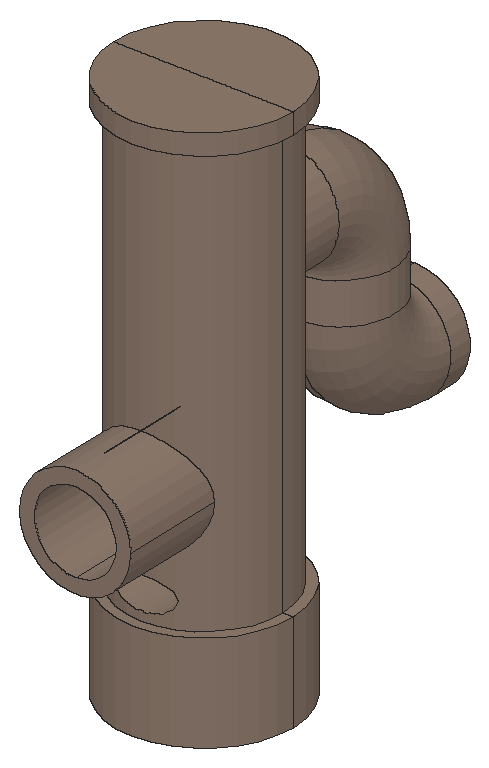
Revit family "Trap_Primer_Automatic Sani-Gard-Zurn-Z1022-XL", category Plumbing Fixtures, Revit 2022
Family settings
  Round Connector Dimension = Use Radius
  Part Type = Normal
  OmniClass Number = 23.45.55.21
  OmniClass Title = Drains (Wastes)
  Work Plane-Based = No
  Always vertical = Yes
  Cut with Voids When Loaded = No
  Maintain Annotation Orientation = No
  Shared = No
  Room Calculation Point = No
Parameters (values of type "Z1022-XL 1/2 Inch Solder Female")
  Waste Connection = 1 = 1  # yes
  WFU = 1  # constant formula
  Vent Connection = 1 = 0  # no
  URL = "www.zurn.com"
  Product data url = "https://www.bimobject.com/en-in/zurnindustries/product/zurn-z1022-xl"
  Product Page URL = "https://www.zurn.com/products/drainage-interceptors/backwater-valves-traps-primers/z1022-xl"
  Product Installation Sheet URL = "https://files.zurn.com/care-cleaning-install-warranty-sheets/z1022-xl_t1.pdf"
  Product Documentation Link = "https://files.zurn.com/spec-sheets/z1022-xl.pdf"
  Pipe Size_A Outer Diameter = 0.840"
  Pipe Size_A Nominal Diameter = 0.500"
  Pipe Size_A Inside Diameter = 0.622"
  Modified Date = "02/20/2026"  # constant formula
  Model = "Z1022-XL"  # constant formula
  Manufacurer Brand = "Zurn"  # constant formula
  Manufacturer = "Zurn Water, LLC"  # constant formula
  Main Material = Bronze - Zurn - Polished
  Length_L = 3.219"
  HWFU = 0  # constant formula
  HW Connection = 1 = 0  # no
  Description = "SANI-GARD AUTOMATIC TRAP PRIMER"  # constant formula
  Default Elevation = 20.000"  # constant formula
  Date Created = "07/21/2015"  # constant formula
  Connector Radius = Pipe Size_A Nominal Diameter / 2  # 0.250"
  CWFU = 0  # constant formula
  CW Connection = 1 = 0  # no
  Assembly Code = "D2090800"
  Approx Weight = 1.00 lbf
Types (6): name | Pipe Size_A Outer Diameter | Pipe Size_A Nominal Diameter | Pipe Size_A Inside Diameter | Length_L | Connector Radius | Approx Weight
  (no name) | 0.840" | 0.500" | 0.622" | 3.219" | 0.250" | 1.00 lbf
  Z1022-XL 1/2 Inch Solder Female | 0.840" | 0.500" | 0.622" | 3.219" | 0.250" | 1.00 lbf
  Z1022-XL 3/4 Inch IP Male Union | 1.050" | 0.750" | 0.824" | 6.844" | 0.375" | 1.50 lbf
  Z1022-XL 1/2 Inch IP Female | 0.840" | 0.500" | 0.622" | 3.219" | 0.250" | 1.00 lbf
  Z1022-XL 1/2 Inch IP Female Union | 0.840" | 0.500" | 0.622" | 5.344" | 0.250" | 1.50 lbf
  Z1022-XL 1/2 Inch Solder Female Union | 0.840" | 0.500" | 0.622" | 5.656" | 0.250" | 1.50 lbf
Reference planes (in)
  plane 1 "Center (Front/Back)": y = 0
  plane 2: z = 0
  plane 3 "Center (Left/Right)": x = 0
  plane 4: x = 0.25
  plane 5: x = -0.25
  plane 6: x = 0.6
  plane 7: x = -0.6
  plane 8: z = 1.625
  plane 9 "Top": z = 4.188
  plane 10 "RIGHT END": y = 2
  plane 11 "Left": y = -1.219
  plane 12: z = 2.375
  plane 13: y = 1.2876
  plane 14: z = 0.75
  plane 15: x = 0.68
  plane 16: z = 3
  plane 17: z = 4.028
  plane 18: z = 0.4
  plane 19: z = 0.945
  plane 20: y = 0.5
  plane 21: y = -0.5
  plane 22: x = 0.68
  plane 23: x = -0.68
  plane 24: z = 1.314
  plane 25: z = 1.936
  plane 26: x = 0.45
  plane 27: x = -0.45
  plane 28: z = 2.045
  plane 29: z = 1.205
  plane 30: x = 4
  plane 31: z = -3.64042
  plane 32: x = -0.42
  plane 33: x = 0.42
  plane 34: y = -0.68
  plane 35: y = 0.68
Forms (in)
  Revolve 1, solid, material "Bronze - Zurn - Polished" <- "Main Material", detail levels fine
    sketch origin (0, 0, 0) x (1, 0, 0) y (0, 0, 1)
      loop
        line (0, 0) -> (0.68, 0) -> (0.68, 0.75) -> (0.6, 0.75) -> (0.6, 4.028) -> (0.68, 4.028) -> (0.68, 4.188) -> (0, 4.188) -> (0, 0)
      axis (0, 4.188) -> (0, 0)
    angle from 0 to 360
  Extrusion 2, solid, material "Bronze - Zurn - Polished" <- "Main Material", detail levels fine
    sketch origin (-1.40749, 0, -0.01738) x (1, 0, 0) y (0, 0, 1)
      loop
        circle (1.40749, 1.64238) r 0.42
    from 0 to 1.219
  Extrusion 3, void
    sketch origin (0, 0, 0) x (1, 0, 0) y (0, 1, 0)
      loop
        circle (0, 0) r 0.25
    from 0 to 0.4
  Sweep 4, solid, material "Bronze - Zurn - Polished" <- "Main Material", detail levels fine
    path origin (0, 0, 0) x (0, 1, 0) y (0, 0, 1)
      loop
        line (2, 1.625) -> (1.8176, 1.625)
        arc (1.8176, 1.625) -> (1.44283, 1.78023) -> (1.2876, 2.155) r 0.53
        line (1.2876, 2.155) -> (1.2876, 2.47)
        arc (1.2876, 2.47) -> (1.13237, 2.84477) -> (0.7576, 3) r 0.53
        line (0.7576, 3) -> (0, 3)
    profile origin (0, 1.9088, 1.625) x (0, 0, -1) y (1, 0, 0)
      loop
        circle (0, 0) r 0.42
      loop
        circle (0, 0) r 0.311
  Extrusion 5, void, detail levels fine
    sketch origin (0, 1.9088, 1.625) x (0, 0, -1) y (1, 0, 0)
      loop
        circle (0, 0) r 0.311
    from 1.9088 to 3.1278
  Extrusion 6, void
    sketch origin (0, 1.9088, 1.625) x (0, 0, -1) y (1, 0, 0)
      loop
        spline (0.68, -0.25) -> (0.71235, -0.24148) -> (0.7425, -0.21651) -> (0.76839, -0.17678) -> (0.78825, -0.125) -> (0.80074, -0.0647) -> (0.805, 0) -> (0.80074, 0.0647) -> (0.78825, 0.125) -> (0.76839, 0.17678) -> (0.7425, 0.21651) -> (0.71235, 0.24148) -> (0.68, 0.25)
        spline (0.68, 0.25) -> (0.64765, 0.24148) -> (0.6175, 0.21651) -> (0.59161, 0.17678) -> (0.57175, 0.125) -> (0.55926, 0.0647) -> (0.555, 0) -> (0.55926, -0.0647) -> (0.57175, -0.125) -> (0.59161, -0.17678) -> (0.6175, -0.21651) -> (0.64765, -0.24148) -> (0.68, -0.25)
    from 0.6212 to 2.5888
Cuts and joins
  Extrusion 3, Extrusion 5, Extrusion 6 cuts Revolve 1
  Extrusion 3, Extrusion 5 cuts Extrusion 2
Lines and regions (in)
  Masking region 1
    outline origin (0, 0, 0) x (1, 0, 0) y (0, 1, 0)
      loop
        line (-0.42, -1.219) -> (0.42, -1.219) -> (0.42, -0.53479)
        arc (0.42, -0.53479) -> (0.68, 0) -> (0.42, 0.53479) r 0.68
        line (0.42, 0.53479) -> (0.42, 2) -> (-0.42, 2) -> (-0.42, 0.53479)
        arc (-0.42, 0.53479) -> (-0.68, 0) -> (-0.42, -0.53479) r 0.68
        line (-0.42, -0.53479) -> (-0.42, -1.219)
  model lines, detail levels coarse+medium
    curve 1: line (0, -1.219, 1.625) -> (0, 2, 1.625)
    curve 2: line (0, 0, 0) -> (0, 0, 4.188)
    curve 3: circle (0, 0, 4.188) r 0.68 normal (0, 0, 1)
    curve 4: circle (0, 0, 0) r 0.68 normal (0, 0, 1)
    curve 5: line (-0.42, 2, 1.625) -> (0.42, 2, 1.625)
    curve 6: line (0, 2, 1.205) -> (0, 2, 2.045)
    curve 7: line (-0.42, -1.219, 1.625) -> (0.42, -1.219, 1.625)
    curve 8: line (0, -1.219, 1.205) -> (0, -1.219, 2.045)
Dimensions and locks (in)
  locked: plane 15 to plane 6 at 0.08
  locked: plane 14 to level at 0.75
  equal spacing: plane 6, plane 3 "Center (Left/Right)", plane 7, locked at 0.6 each
  locked: plane 9 "Top" to level at 4.188
  "Length_L": plane 11 "Left" to plane 10 "RIGHT END"
  locked: plane 1 "Center (Front/Back)" to plane 10 "RIGHT END" at 2
  locked: plane 1 "Center (Front/Back)" to plane 13 at 1.2876
  equal spacing: plane 4, plane 3 "Center (Left/Right)", plane 5
  "Pipe Size_A Nominal Diameter": plane 4 to plane 5
  locked: plane 19 to level at 0.945
  equal spacing: plane 21, plane 1 "Center (Front/Back)", plane 20, locked at 0.5 each
  locked: plane 21 to plane 20 at 1
  locked: plane 22 to plane 6 at 0.08
  locked: plane 17 to level at 4.028
  locked: plane 16 to level at 3
  locked: plane 12 to level at 2.375
  locked: plane 8 to level at 1.625
  locked: plane 18 to level at 0.4
  equal spacing: plane 25, plane 8, plane 24
  "Pipe Size_A Inside Diameter": plane 25 to plane 24
  equal spacing: plane 27, plane 3 "Center (Left/Right)", plane 26
  locked: plane 27 to plane 26 at 0.9
  equal spacing: plane 28, plane 8, plane 29
  "Pipe Size_A Outer Diameter": plane 28 to plane 29
  locked: plane 7 to plane 23 at 0.08
  locked: plane 6 to plane 7 at 1.2
  equal spacing: plane 33, plane 3 "Center (Left/Right)", plane 32
  "Pipe Size_A Outer Diameter": plane 33 to plane 32
  locked: plane 34 to plane 1 "Center (Front/Back)" at 0.68
  locked: plane 1 "Center (Front/Back)" to plane 35 at 0.68
  "Pipe Size_A Inside Diameter": diameter of Sweep 4 sketch curve
  "Pipe Size_A Inside Diameter": diameter of Extrusion 5 sketch curve
  "Pipe Size_A Outer Diameter": diameter of Extrusion 2 sketch curve
  "Pipe Size_A Outer Diameter": diameter of Sweep 4 sketch curve
  aligned and locked: plane 2 to level
  aligned and locked: Revolve 1 sketch curve to plane 15
  aligned and locked: Extrusion 2 to plane 11 "Left"
  aligned and locked: Extrusion 2 to plane 1 "Center (Front/Back)"
  aligned and locked: plane 8 to Sweep 4 sketch curve
  aligned and locked: plane 3 "Center (Left/Right)" to Sweep 4 sketch curve
  aligned and locked: plane 8 to Extrusion 5 sketch curve
  aligned and locked: plane 3 "Center (Left/Right)" to Extrusion 5 sketch curve
  aligned and locked: Extrusion 5 to plane 11 "Left"
  aligned and locked: Extrusion 5 to plane 1 "Center (Front/Back)"
  aligned and locked: plane 8 to Extrusion 2 sketch curve
  aligned and locked: plane 3 "Center (Left/Right)" to Extrusion 2 sketch curve
  aligned and locked: plane 15 to Revolve 1 sketch curve  (x2)
  aligned and locked: level to Revolve 1 sketch curve  (x2)
  aligned and locked: plane 6 to Revolve 1 sketch curve  (x2)
  aligned and locked: plane 17 to Revolve 1 sketch curve  (x2)
  aligned and locked: plane 9 "Top" to Revolve 1 sketch curve  (x2)
  aligned and locked: plane 18 to Extrusion 3
  aligned and locked: plane 3 "Center (Left/Right)" to Revolve 1 sketch curve  (x3)
  aligned and locked: plane 14 to Revolve 1 sketch curve  (x2)
  aligned and locked: plane 22 to Revolve 1 sketch curve
  aligned and locked: plane 1 "Center (Front/Back)" to Sweep 4 sketch curve
  aligned and locked: plane 10 "RIGHT END" to Sweep 4 sketch curve
  aligned and locked: plane 11 "Left" to curve 1
  aligned and locked: plane 10 "RIGHT END" to curve 1
  aligned and locked: curve 1 to plane 8
  aligned and locked: plane 9 "Top" to curve 2
  aligned and locked: level to curve 2
  aligned and locked: curve 2 to plane 1 "Center (Front/Back)"
  aligned and locked: curve 3 to cut or joined group of Revolve 1, Extrusion 3, Extrusion 5, Extrusion 6
  aligned and locked: curve 4 to curve 3
  aligned and locked: curve 5 to plane 8
  aligned and locked: plane 3 "Center (Left/Right)" to curve 6
  aligned and locked: curve 7 to plane 8
  aligned and locked: plane 3 "Center (Left/Right)" to curve 8
  aligned and locked: cut or joined group of Extrusion 2, Extrusion 3, Extrusion 5 to plane 11 "Left"
  aligned and locked: Sweep 4 to plane 10 "RIGHT END"
  aligned and locked: plane 28 to curve 8
  aligned and locked: plane 24 to Sweep 4
  aligned and locked: plane 29 to curve 8
  aligned and locked: plane 3 "Center (Left/Right)" to Extrusion 6 sketch curve
  aligned and locked: plane 19 to Extrusion 6 sketch curve
  aligned and locked: plane 5 to Extrusion 6 sketch curve
  aligned and locked: plane 13 to Extrusion 6
  aligned and locked: Extrusion 6 to plane 34
  aligned and locked: plane 1 "Center (Front/Back)" to Extrusion 3 sketch curve
  aligned and locked: plane 3 "Center (Left/Right)" to Extrusion 3 sketch curve
  aligned and locked: Masking region 1 to plane 11 "Left"
  aligned and locked: plane 11 "Left" to Masking region 1 sketch curve  (x2)
  aligned and locked: plane 32 to Masking region 1 sketch curve  (x2)
  aligned and locked: plane 33 to Masking region 1 sketch curve  (x2)
  aligned and locked: Masking region 1 sketch curve to plane 32
  aligned and locked: plane 10 "RIGHT END" to Masking region 1 sketch curve  (x2)
  aligned and locked: plane 1 "Center (Front/Back)" to Masking region 1 sketch curve  (x2)
  aligned and locked: plane 3 "Center (Left/Right)" to Masking region 1 sketch curve  (x2)
Automatic sketch dimensions
  Sweep 4 sketch curve to Sweep 4 sketch curve = 0.000"  (x2)
  Revolve 1 sketch curve to plane 3 "Center (Left/Right)" = 0.000"
  Revolve 1 sketch curve to level = 23.94929"
  Revolve 1 sketch curve to Revolve 1 sketch curve = 98.49481"
  Sweep 4 sketch curve to plane 16 = 0.000"
  Sweep 4 sketch curve to plane 13 = 0.000"
  Sweep 4 sketch curve to plane 8 = 0.000"
  Sweep 4 sketch curve to plane 10 "RIGHT END" = 0.000"
  Sweep 4 sketch curve to plane 20 = 0.2576"
  plane 25 to Sweep 4 sketch curve = 0.219"
  curve 7 to plane 32 = 0.000"
  curve 7 to plane 33 = 0.000"
  curve 6 to plane 29 = 0.000"
  curve 6 to plane 28 = 0.000"
  curve 5 to plane 32 = 0.000"
  curve 5 to plane 33 = 0.000"
  plane 21 to Masking region 1 sketch curve = 0.03479"  (x2)
  radius of Extrusion 3 sketch curve = 0.250"
Connectors (in)
  piping at (0, -1.219, 1.625), diameter 0.5, driven by "Waste Connection", driven by "Connector Radius"
    settings: on cut or joined group of Extrusion 2, Extrusion 3, Extrusion 5, index 1, connector inside diameter 24", connector length 0.000", flow factor 0, pipe flow 0 GPM, pressure drop 0.00 psi, fitting loss kfactor 0, connector angle 0.00°, fixture units 0, engagement length 0.000", angle of deflection 0.00°, flow configuration 0, flow direction 1, fitting loss method 0, system type 16, joint type 0, gender type 0, connector reference index -1, connector utility 1, adjustable connector no, is connector primary yes, connector description "Sanitary Inlet"
  piping at (0, 2, 1.625), diameter 0.5, driven by "Waste Connection", driven by "Connector Radius"
    settings: on Sweep 4, index 2, connector inside diameter 24", connector length 0.000", flow factor 0, pipe flow 0 GPM, pressure drop 0.00 psi, fitting loss kfactor 0, connector angle 0.00°, fixture units 0, engagement length 0.000", angle of deflection 0.00°, flow configuration 0, flow direction 2, fitting loss method 0, system type 16, joint type 0, gender type 0, connector reference index -1, connector utility 1, adjustable connector no, is connector primary no, connector description "Sanitary Outlet"
